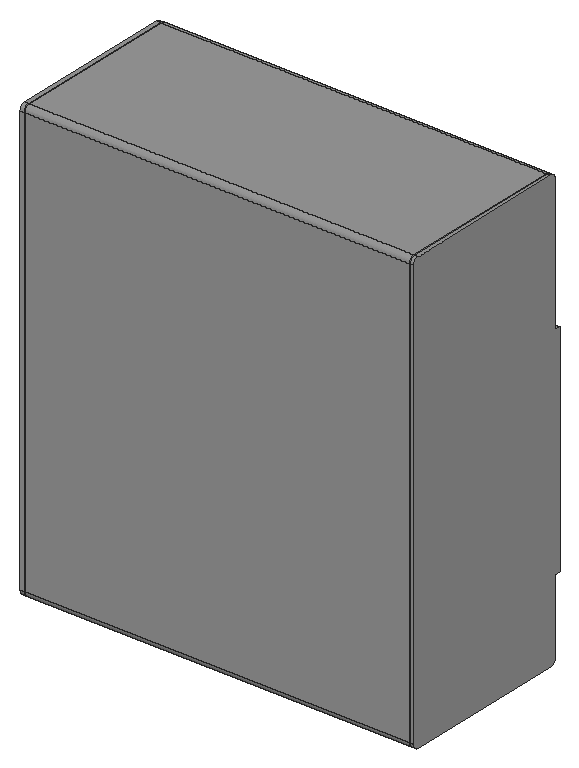
Revit family "L&L_LUCE&LIGHT_PASITO_1.0", category Lighting Fixtures, host Wall, Revit 2018 (continued)
Parameters (values of type "PASITO_1.0 – 60°")
    .00 \r\n0.00 0.00 0.00 0.00 0.00 0.00 0.00 0.00 0.00 0.00 0.00 \r\n0.00 0.00 0.00 0.00 0.00 0.00 0.00 0.00 0.00 0.00 0.00 \r\n0.00 0.00 0.00 0.00 0.00 0.00 0.00 0.00 0.00 0.00 0.00 \r\n0.00 0.00 0.00 0.01 0.01 \r\n0.01 0.01 0.00 0.00 0.00 0.00 0.00 0.00 0.00 0.00 0.00 \r\n0.00 0.00 0.00 0.00 0.00 0.00 0.00 0.00 0.00 0.00 0.00 \r\n0.00 0.00 0.00 0.00 0.00 0.00 0.00 0.00 0.00 0.00 0.00 \r\n0.00 0.00 0.00 0.00 0.00 0.00 0.00 0.00 0.00 0.00 0.00 \r\n0.00 0.00 0.00 0.00 0.00 0.00 0.00 0.00 0.00 0.00 0.00 \r\n0.00 0.00 0.00 0.00 0.00 0.00 0.00 0.00 0.00 0.00 0.00 \r\n0.00 0.00 0.00 0.00 0.00 0.00 0.00 0.00 0.00 0.00 0.00 \r\n0.00 0.00 0.00 0.00 0.00 0.00 0.00 0.00 0.00 0.00 0.00 \r\n0.00 0.00 0.00 0.00 0.00 0.00 0.00 0.00 0.00 0.00 0.00 \r\n0.00 0.00 0.00 0.00 0.00 0.00 0.00 0.00 0.00 0.00 0.00 \r\n0.00 0.00 0.00 0.00 0.00 0.00 0.00 0.00 0.00 0.00 0.00 \r\n0.00 0.00 0.00 0.00 0.00 0.00 0.00 0.00 0.00 0.00 0.00 \r\n0.00 0.00 0.00 0.00 0.00 0.00 0.00 0.00 0.00 0.00 0.00 \r\n0.00 0.00 0.00 0.00 0.00 0.00 0.00 0.00 0.00 0.00 0.00 \r\n0.00 0.00 0.00 0.00 0.00 0.00 0.00 0.00 0.00 0.00 0.00 \r\n0.00 0.00 0.00 0.00 0.00 0.00 0.00 0.00 0.00 0.00 0.00 \r\n0.00 0.00 0.01 0.01 0.01 \r\n0.01 0.01 0.01 0.00 0.00 0.00 0.00 0.00 0.00 0.00 0.00 \r\n0.00 0.00 0.00 0.00 0.00 0.00 0.00 0.00 0.00 0.00 0.00 \r\n0.00 0.00 0.00 0.00 0.00 0.00 0.00 0.00 0.00 0.00 0.00 \r\n0.00 0.00 0.00 0.00 0.00 0.00 0.00 0.00 0.00 0.00 0.00 \r\n0.00 0.00 0.00 0.00 0.00 0.00 0.00 0.00 0.00 0.00 0.00 \r\n0.00 0.00 0.00 0.00 0.00 0.00 0.00 0.00 0.00 0.00 0.00 \r\n0.00 0.00 0.00 0.00 0.00 0.00 0.00 0.00 0.00 0.00 0.00 \r\n0.00 0.00 0.00 0.00 0.00 0.00 0.00 0.00 0.00 0.00 0.00 \r\n0.00 0.00 0.00 0.00 0.00 0.00 0.00 0.00 0.00 0.00 0.00 \r\n0.00 0.00 0.00 0.00 0.00 0.00 0.00 0.00 0.00 0.00 0.00 \r\n0.00 0.00 0.00 0.00 0.00 0.00 0.00 0.00 0.00 0.00 0.00 \r\n0.00 0.00 0.00 0.00 0.00 0.00 0.00 0.00 0.00 0.00 0.00 \r\n0.00 0.00 0.00 0.00 0.00 0.00 0.00 0.00 0.00 0.00 0.00 \r\n0.00 0.00 0.00 0.00 0.00 0.00 0.00 0.00 0.00 0.00 0.00 \r\n0.00 0.00 0.00 0.00 0.00 0.00 0.00 0.00 0.00 0.00 0.00 \r\n0.00 0.00 0.00 0.00 0.00 0.00 0.00 0.00 0.00 0.00 0.00 \r\n0.00 0.01 0.01 0.02 0.01 \r\n0.01 0.01 0.01 0.01 0.01 0.00 0.00 0.00 0.00 0.00 0.00 \r\n0.00 0.00 0.00 0.00 0.00 0.00 0.00 0.00 0.00 0.00 0.00 \r\n0.00 0.00 0.00 0.00 0.00 0.00 0.00 0.00 0.00 0.00 0.00 \r\n0.00 0.00 0.00 0.00 0.00 0.00 0.00 0.00 0.00 0.00 0.00 \r\n0.00 0.00 0.00 0.00 0.00 0.00 0.00 0.00 0.00 0.00 0.00 \r\n0.00 0.00 0.00 0.00 0.00 0.00 0.00 0.00 0.00 0.00 0.00 \r\n0.00 0.00 0.00 0.00 0.00 0.00 0.00 0.00 0.00 0.00 0.00 \r\n0.00 0.00 0.00 0.00 0.00 0.00 0.00 0.00 0.00 0.00 0.00 \r\n0.00 0.00 0.00 0.00 0.00 0.00 0.00 0.00 0.00 0.00 0.00 \r\n0.00 0.00 0.00 0.00 0.00 0.00 0.00 0.00 0.00 0.00 0.00 \r\n0.00 0.00 0.00 0.00 0.00 0.00 0.00 0.00 0.00 0.00 0.00 \r\n0.00 0.00 0.00 0.00 0.00 0.00 0.00 0.00 0.00 0.00 0.00 \r\n0.00 0.00 0.00 0.00 0.00 0.00 0.00 0.00 0.00 0.00 0.00 \r\n0.00 0.00 0.00 0.00 0.00 0.00 0.00 0.00 0.00 0.00 0.00 \r\n0.00 0.00 0.00 0.00 0.00 0.00 0.00 0.00 0.00 0.00 0.00 \r\n0.00 0.00 0.00 0.00 0.00 0.00 0.00 0.00 0.00 0.00 0.01 \r\n0.01 0.01 0.02 0.02 0.01 \r\n0.01 0.01 0.01 0.01 0.01 0.01 0.01 0.01 0.01 0.00 0.00 \r\n0.00 0.00 0.00 0.00 0.00 0.00 0.00 0.00 0.00 0.00 0.00 \r\n0.00 0.00 0.00 0.00 0.00 0.00 0.00 0.00 0.00 0.00 0.00 \r\n0.00 0.00 0.00 0.00 0.00 0.00 0.00 0.00 0.00 0.00 0.00 \r\n0.00 0.00 0.00 0.00 0.00 0.00 0.00 0.00 0.00 0.00 0.00 \r\n0.00 0.00 0.00 0.00 0.00 0.00 0.00 0.00 0.00 0.00 0.00 \r\n0.00 0.00 0.00 0.00 0.00 0.00 0.00 0.00 0.00 0.00 0.00 \r\n0.00 0.00 0.00 0.00 0.00 0.00 0.00 0.00 0.00 0.00 0.00 \r\n0.00 0.00 0.00 0.00 0.00 0.00 0.00 0.00 0.00 0.00 0.00 \r\n0.00 0.00 0.00 0.00 0.00 0.00 0.00 0.00 0.00 0.00 0.00 \r\n0.00 0.00 0.00 0.00 0.00 0.00 0.00 0.00 0.00 0.00 0.00 \r\n0.00 0.00 0.00 0.00 0.00 0.00 0.00 0.00 0.00 0.00 0.00 \r\n0.00 0.00 0.00 0.00 0.00 0.00 0.00 0.00 0.00 0.00 0.00 \r\n0.00 0.00 0.00 0.00 0.00 0.00 0.00 0.00 0.00 0.00 0.00 \r\n0.00 0.00 0.00 0.00 0.00 0.00 0.00 0.00 0.00 0.00 0.00 \r\n0.00 0.00 0.00 0.00 0.00 0.00 0.01 0.01 0.02 0.02 0.03 \r\n0.03 0.03 0.03 0.02 0.01 \r\n0.01 0.01 0.01 0.02 0.02 0.02 0.02 0.02 0.02 0.02 0.02 \r\n0.02 0.02 0.02 0.02 0.02 0.02 0.02 0.02 0.02 0.02 0.02 \r\n0.02 0.02 0.02 0.03 0.03 0.03 0.03 0.03 0.03 0.03 0.03 \r\n0.03 0.03 0.03 0.03 0.03 0.03 0.04 0.04 0.04 0.04 0.04 \r\n0.04 0.04 0.04 0.04 0.04 0.04 0.04 0.04 0.04 0.04 0.04 \r\n0.04 0.04 0.04 0.04 0.05 0.05 0.05 0.05 0.05 0.05 0.05 \r\n0.05 0.05 0.05 0.05 0.05 0.05 0.05 0.05 0.05 0.05 0.05 \r\n0.05 0.05 0.05 0.05 0.05 0.05 0.05 0.05 0.05 0.05 0.05 \r\n0.05 0.05 0.05 0.05 0.05 0.05 0.05 0.05 0.06 0.06 0.06 \r\n0.06 0.06 0.06 0.06 0.06 0.06 0.06 0.06 0.06 0.06 0.06 \r\n0.06 0.06 0.06 0.06 0.06 0.06 0.06 0.06 0.06 0.06 0.06 \r\n0.06 0.06 0.06 0.06 0.06 0.06 0.06 0.06 0.06 0.06 0.06 \r\n0.06 0.06 0.06 0.06 0.07 0.07 0.07 0.07 0.07 0.07 0.07 \r\n0.07 0.07 0.07 0.07 0.07 0.07 0.07 0.07 0.07 0.07 0.07 \r\n0.07 0.07 0.07 0.07 0.07 0.07 0.07 0.07 0.07 0.07 0.07 \r\n0.07 0.07 0.07 0.07 0.07 0.07 0.07 0.08 0.08 0.08 0.08 \r\n0.07 0.06 0.04 0.02 0.01 \r\n0.01 0.01 0.03 0.04 0.06 0.08 0.09 0.11 0.12 0.14 0.15 \r\n0.17 0.19 0.22 0.24 0.27 0.29 0.32 0.35 0.39 0.43 0.48 \r\n0.53 0.57 0.63 0.68 0.74 0.79 0.85 0.91 0.98 1.05 1.12 \r\n1.19 1.25 1.31 1.37 1.43 1.48 1.52 1.55 1.57 1.58 1.59 \r\n1.60 1.61 1.62 1.64 1.66 1.68 1.69 1.71 1.73 1.74 1.76 \r\n1.78 1.81 1.84 1.87 1.90 1.92 1.95 1.97 1.99 2.01 2.02 \r\n2.03 2.04 2.05 2.06 2.07 2.08 2.08 2.09 2.09 2.08 2.08 \r\n2.06 2.05 2.03 2.01 1.99 1.97 1.95 1.93 1.92 1.90 1.89 \r\n1.87 1.86 1.85 1.85 1.84 1.83 1.82 1.81 1.80 1.79 1.78 \r\n1.77 1.76 1.75 1.74 1.73 1.73 1.71 1.70 1.69 1.67 1.66 \r\n1.64 1.62 1.61 1.60 1.59 1.58 1.57 1.57 1.56 1.55 1.55 \r\n1.54 1.53 1.53 1.52 1.52 1.52 1.51 1.51 1.50 1.50 1.49 \r\n1.48 1.48 1.47 1.46 1.45 1.44 1.43 1.42 1.42 1.41 1.41 \r\n1.40 1.39 1.38 1.36 1.34 1.32 1.30 1.28 1.24 1.20 1.17 \r\n1.13 1.09 1.05 1.01 0.96 0.92 0.87 0.82 0.77 0.72 0.67 \r\n0.62 0.57 0.52 0.46 0.42 0.39 0.36 0.33 0.29 0.25 0.22 \r\n0.16 0.10 0.06 0.03 0.01 \r\n0.01 0.02 0.04 0.07 0.11 0.15 0.19 0.25 0.29 0.35 0.41 \r\n0.48 0.57 0.69 0.82 0.95 1.09 1.23 1.35 1.46 1.57 1.67 \r\n1.77 1.86 1.93 1.94 1.96 1.99 2.01 2.04 2.06 2.08 2.12 \r\n2.18 2.29 2.47 2.69 2.95 3.34 3.76 4.20 4.67 5.18 5.65 \r\n6.05 6.39 6.64 6.77 6.81 6.78 6.73 6.68 6.64 6.60 6.60 \r\n6.60 6.60 6.59 6.59 6.60 6.63 6.66 6.69 6.71 6.71 6.73 \r\n6.76 6.79 6.83 6.86 6.88 6.88 6.87 6.84 6.80 6.76 6.74 \r\n6.72 6.71 6.68 6.65 6.58 6.49 6.37 6.24 6.09 5.94 5.78 \r\n5.61 5.41 5.20 4.95 4.69 4.42 4.16 3.92 3.72 3.55 3.41 \r\n3.31 3.24 3.22 3.19 3.16 3.13 3.10 3.08 3.06 3.04 3.02 \r\n2.99 2.97 2.95 2.93 2.90 2.88 2.85 2.83 2.81 2.79 2.77 \r\n2.74 2.72 2.69 2.66 2.64 2.61 2.59 2.57 2.54 2.52 2.50 \r\n2.47 2.44 2.41 2.38 2.35 2.31 2.28 2.25 2.22 2.19 2.16 \r\n2.14 2.11 2.08 2.05 2.02 1.99 1.96 1.93 1.90 1.86 1.83 \r\n1.80 1.77 1.75 1.72 1.70 1.67 1.64 1.60 1.56 1.50 1.43 \r\n1.35 1.27 1.18 1.08 0.99 0.89 0.79 0.70 0.60 0.50 0.40 \r\n0.27 0.15 0.07 0.03 0.01 \r\n0.01 0.02 0.05 0.11 0.17 0.26 0.35 0.46 0.57 0.72 0.88 \r\n1.09 1.30 1.50 1.68 1.82 1.93 1.95 1.98 2.01 2.03 2.05 \r\n2.08 2.14 2.23 2.38 2.58 2.94 3.36 3.97 4.65 5.41 6.21 \r\n7.06 8.01 9.08 10.31 11.61 13.03 14.50 16.05 17.65 19.11 \r\n20.55 21.78 22.76 23.50 23.90 24.01 23.91 23.65 23.41 \r\n23.22 23.04 22.91 22.79 22.64 22.50 22.40 22.30 22.19 \r\n22.07 21.93 21.78 21.65 21.52 21.38 21.22 21.04 20.83 \r\n20.64 20.47 20.30 20.12 19.93 19.72 19.49 19.22 18.91 \r\n18.55 18.14 17.69 17.20 16.67 16.11 15.53 14.92 14.30 \r\n13.68 13.05 12.44 11.83 11.22 10.58 9.90 9.14 8.32 7.48 \r\n6.70 6.02 5.59 5.42 5.29 5.19 5.08 5.00 4.97 4.93 4.88 \r\n4.84 4.78 4.73 4.67 4.62 4.57 4.51 4.45 4.38 4.32 4.25 \r\n4.19 4.13 4.07 4.01 3.95 3.89 3.83 3.76 3.70 3.64 3.58 \r\n3.52 3.47 3.41 3.35 3.29 3.24 3.18 3.12 3.07 3.01 2.96 \r\n2.91 2.86 2.80 2.74 2.69 2.63 2.58 2.53 2.48 2.43 2.38 \r\n2.33 2.27 2.22 2.17 2.13 2.08 2.03 1.99 1.93 1.88 1.84 \r\n1.79 1.74 1.70 1.64 1.58 1.49 1.38 1.25 1.11 0.96 0.80 \r\n0.63 0.41 0.23 0.09 0.04 0.01 \r\n0.01 0.03 0.08 0.15 0.27 0.41 0.56 0.74 0.99 1.26 1.55 \r\n1.78 1.94 1.96 1.99 2.02 2.05 2.09 2.16 2.28 2.49 2.80 \r\n3.32 3.99 4.78 5.68 6.64 7.68 8.97 10.44 12.16 13.91 \r\n15.67 17.57 19.69 22.23 25.01 28.06 31.32 34.77 38.35 \r\n41.83 44.81 47.30 49.08 50.40 51.15 51.55 51.49 51.34 \r\n50.97 50.62 50.19 49.72 49.23 48.63 48.10 47.47 46.86 \r\n46.27 45.70 45.19 44.69 44.18 43.66 43.11 42.57 42.08 \r\n41.65 41.17 40.67 40.12 39.51 38.79 38.03 37.26 36.48 \r\n35.68 34.85 33.99 33.11 32.20 31.27 30.30 29.26 28.14 \r\n26.91 25.61 24.25 22.87 21.50 20.18 18.89 17.63 16.40 \r\n15.17 13.96 12.80 11.71 10.73 9.89 9.20 8.65 8.22 7.91 \r\n7.69 7.54 7.43 7.33 7.22 7.09 6.94 6.79 6.64 6.50 6.37 \r\n6.24 6.12 6.01 5.89 5.77 5.66 5.55 5.44 5.34 5.24 5.14 \r\n5.04 4.94 4.83 4.73 4.63 4.54 4.44 4.36 4.27 4.19 4.10 \r\n4.02 3.94 3.86 3.77 3.68 3.59 3.51 3.43 3.35 3.27 3.19 \r\n3.11 3.04 2.96 2.88 2.81 2.74 2.67 2.60 2.52 2.45 2.38 \r\n2.31 2.24 2.18 2.11 2.04 1.98 1.91 1.85 1.79 1.73 1.67 \r\n1.59 1.46 1.30 1.10 0.87 0.59 0.32 0.14 0.04 0.01 \r\n0.01 0.03 0.10 0.22 0.38 0.58 0.82 1.15 1.52 1.82 1.95 \r\n1.97 2.00 2.03 2.09 2.18 2.35 2.66 3.15 3.90 4.83 5.91 \r\n7.13 8.50 10.09 11.91 13.97 16.18 18.47 21.04 23.99 27.37 \r\n31.20 35.47 40.00 44.70 49.18 53.35 57.03 60.09 62.22 \r\n63.54 64.15 64.35 64.35 64.28 64.22 64.18 64.04 63.78 \r\n63.38 62.90 62.37 61.83 61.28 60.75 60.20 59.63 59.03 \r\n58.41 57.79 57.16 56.52 55.87 55.20 54.51 53.78 53.03 \r\n52.24 51.41 50.55 49.67 48.77 47.85 46.91 45.92 44.90 \r\n43.84 42.76 41.64 40.49 39.29 38.04 36.74 35.37 33.95 \r\n32.48 30.96 29.44 27.91 26.42 24.98 23.58 22.23 20.90 \r\n19.60 18.33 17.11 15.95 14.88 13.92 13.06 12.31 11.66 \r\n11.12 10.70 10.37 10.11 9.89 9.69 9.47 9.25 9.02 8.79 \r\n8.57 8.36 8.17 8.00 7.82 7.65 7.47 7.29 7.12 6.95 6.79 \r\n6.63 6.49 6.35 6.21 6.07 5.93 5.79 5.66 5.53 5.41 5.28 \r\n5.16 5.04 4.93 4.81 4.69 4.58 4.46 4.35 4.24 4.13 4.02 \r\n3.92 3.82 3.72 3.61 3.51 3.40 3.30 3.20 3.11 3.01 2.92 \r\n2.83 2.74 2.65 2.56 2.47 2.39 2.30 2.21 2.12 2.05 1.97 \r\n1.89 1.82 1.75 1.67 1.56 1.37 1.11 0.78 0.44 0.18 0.05 \r\n0.01 \r\n0.01 0.03 0.12 0.29 0.50 0.77 1.15 1.61 1.94 1.97 1.99 \r\n2.02 2.09 2.16 2.39 2.88 3.65 4.68 5.92 7.29 8.86 10.67 \r\n12.73 15.09 17.77 20.79 24.17 27.96 32.27 37.13 42.40 \r\n48.11 54.17 60.06 65.10 68.89 71.46 73.16 74.18 74.68 \r\n74.98 75.29 75.61 75.82 75.91 75.92 75.87 75.76 75.53 \r\n75.17 74.68 74.14 73.64 73.12 72.59 72.02 71.37 70.66 \r\n69.91 69.16 68.41 67.62 66.80 65.95 65.07 64.14 63.13 \r\n62.08 61.01 59.91 58.79 57.62 56.42 55.19 53.93 52.66 \r\n51.36 50.03 48.65 47.22 45.73 44.18 42.56 40.88 39.16 \r\n37.42 35.68 33.96 32.28 30.65 29.09 27.62 26.23 24.90 \r\n23.62 22.39 21.20 20.07 18.99 17.99 17.05 16.19 15.40 \r\n14.69 14.06 13.52 13.05 12.64 12.29 11.98 11.69 11.43 \r\n11.17 10.91 10.64 10.37 10.12 9.87 9.62 9.39 9.15 8.92 \r\n8.71 8.51 8.32 8.12 7.92 7.72 7.53 7.35 7.17 6.99 6.82 \r\n6.64 6.48 6.32 6.15 5.99 5.84 5.69 5.55 5.40 5.25 5.11 \r\n4.97 4.83 4.70 4.57 4.44 4.31 4.17 4.04 3.92 3.80 3.67 \r\n3.54 3.42 3.31 3.20 3.09 2.97 2.87 2.76 2.65 2.55 2.45 \r\n2.35 2.24 2.14 2.05 1.96 1.87 1.79 1.71 1.57 1.32 0.96 \r\n0.56 0.22 0.05 0.01 \r\n0.01 0.04 0.16 0.36 0.62 1.01 1.53 1.94 1.97 2.00 2.05 \r\n2.11 2.27 2.75 3.57 4.71 6.10 7.67 9.48 11.66 14.21 17.17 \r\n20.58 24.35 28.37 33.12 38.85 45.34 52.45 59.82 66.77 \r\n72.60 76.97 80.06 82.11 83.42 84.38 85.27 86.09 86.84 \r\n87.56 88.17 88.57 88.82 88.98 89.12 89.24 89.23 89.05 \r\n88.73 88.34 87.94 87.55 87.11 86.58 85.93 85.20 84.44 \r\n83.60 82.69 81.72 80.69 79.61 78.47 77.24 75.99 74.70 \r\n73.38 71.99 70.56 69.07 67.56 66.01 64.40 62.75 61.04 \r\n59.27 57.45 55.57 53.63 51.63 49.57 47.45 45.28 43.11 \r\n40.96 38.88 36.89 35.01 33.24 31.59 30.07 28.64 27.31 \r\n26.04 24.83 23.66 22.55 21.50 20.51 19.59 18.75 17.99 \r\n17.34 16.76 16.24 15.76 15.29 14.83 14.38 13.95 13.58 \r\n13.24 12.92 12.61 12.31 12.01 11.72 11.42 11.12 10.84 \r\n10.57 10.31 10.05 9.80 9.57 9.32 9.08 8.85 8.62 8.40 8.18 \r\n7.96 7.75 7.55 7.35 7.15 6.96 6.78 6.60 6.42 6.22 6.04 \r\n5.87 5.71 5.54 5.37 5.21 5.04 4.88 4.73 4.59 4.44 4.28 \r\n4.13 3.99 3.85 3.71 3.56 3.43 3.30 3.17 3.04 2.92 2.79 \r\n2.66 2.54 2.43 2.32 2.21 2.10 2.00 1.89 1.79 1.69 1.47 \r\n1.12 0.69 0.29 0.07 0.01 \r\n0.01 0.05 0.20 0.43 0.75 1.27 1.82 1.97 2.00 2.05 2.12 \r\n2.35 3.03 4.08 5.46 7.15 9.10 11.43 14.22 17.55 21.33 \r\n25.40 30.03 35.97 43.07 50.80 58.98 67.35 75.20 81.47 \r\n85.99 88.97 90.87 92.38 93.94 95.52 96.99 98.37 99.53 \r\n100.43 101.29 102.13 102.78 103.28 103.84 104.45 104.96 \r\n105.22 105.19 105.06 105.03 105.00 104.90 104.61 104.06 \r\n103.43 102.80 102.06 101.09 99.93 98.72 97.46 96.14 94.78 \r\n93.36 91.83 90.17 88.33 86.41 84.44 82.48 80.52 78.51 \r\n76.40 74.17 71.83 69.37 66.79 64.11 61.34 58.49 55.61 \r\n52.72 49.88 47.13 44.52 42.07 39.79 37.70 35.79 34.04 \r\n32.45 30.98 29.62 28.31 27.06 25.85 24.72 23.67 22.71 \r\n21.83 21.02 20.26 19.55 18.91 18.33 17.80 17.30 16.81 \r\n16.33 15.88 15.48 15.12 14.78 14.45 14.12 13.79 13.44 \r\n13.10 12.78 12.47 12.16 11.85 11.56 11.26 10.96 10.68 \r\n10.42 10.14 9.85 9.59 9.34 9.08 8.84 8.59 8.35 8.12 7.91 \r\n7.69 7.46 7.24 7.03 6.83 6.63 6.42 6.22 6.02 5.83 5.64 \r\n5.47 5.29 5.11 4.92 4.75 4.59 4.42 4.25 4.09 3.93 3.78 \r\n3.62 3.46 3.31 3.17 3.03 2.88 2.74 2.61 2.49 2.36 2.24 \r\n2.12 2.00 1.88 1.76 1.59 1.27 0.81 0.36 0.08 0.01 \r\n0.01 0.05 0.23 0.50 0.90 1.55 1.94 1.99 2.03 2.11 2.34 \r\n3.08 4.24 5.84 7.79 10.02 12.74 16.04 19.98 24.34 29.21 \r\n35.61 43.23 51.66 60.85 70.67 79.95 86.97 91.91 95.26 \r\n97.74 99.96 102.21 104.28 106.32 108.34 110.18 111.71 \r\n113.16 114.73 116.21 117.43 118.62 119.76 120.79 121.78 \r\n122.65 123.23 123.66 124.11 124.47 124.61 124.55 124.41 \r\n124.25 123.94 123.41 122.64 121.75 120.81 119.78 118.57 \r\n117.18 115.62 113.88 111.98 109.95 107.80 105.56 103.23 \r\n100.74 98.07 95.17 92.10 88.88 85.50 81.95 78.20 74.28 \r\n70.23 66.14 62.10 58.21 54.53 51.13 48.02 45.19 42.64 \r\n40.34 38.27 36.41 34.72 33.18 31.73 30.36 29.04 27.79 \r\n26.63 25.58 24.61 23.72 22.89 22.11 21.40 20.76 20.19 \r\n19.68 19.21 18.76 18.29 17.82 17.35 16.89 16.47 16.08 \r\n15.71 15.39 15.08 14.72 14.32 13.95 13.63 13.30 12.94 \r\n12.59 12.29 11.97 11.63 11.32 11.06 10.77 10.45 10.15 \r\n9.89 9.62 9.32 9.06 8.82 8.57 8.30 8.05 7.82 7.58 7.34 \r\n7.12 6.90 6.67 6.44 6.24 6.03 5.81 5.60 5.41 5.21 5.01 \r\n4.82 4.64 4.47 4.28 4.09 3.91 3.75 3.58 3.40 3.24 3.09 \r\n2.94 2.78 2.64 2.50 2.36 2.22 2.09 1.96 1.83 1.68 1.38 \r\n0.92 0.42 0.09 0.01 \r\n0.01 0.06 0.26 0.56 1.05 1.76 1.98 2.01 2.08 2.24 2.89 \r\n4.08 5.77 7.89 10.31 13.23 16.95 21.35 26.32 32.09 39.55 \r\n48.38 58.14 68.86 79.59 88.46 94.89 99.36 102.63 105.23 \r\n107.89 110.80 113.68 116.29 118.59 120.67 122.97 125.38 \r\n127.43 129.26 131.30 133.23 134.94 136.48 137.92 139.39 \r\n140.77 141.91 142.75 143.63 144.53 145.13 145.46 145.71 \r\n145.88 145.80 145.41 144.89 144.34 143.64 142.75 141.62 \r\n140.13 138.44 136.71 134.82 132.76 130.49 127.94 125.12 \r\n122.04 118.70 115.09 111.14 106.79 102.05 96.95 91.46 \r\n85.70 79.87 74.17 68.77 63.77 59.22 55.12 51.49 48.28 \r\n45.43 42.91 40.66 38.65 36.84 35.19 33.67 32.22 30.85 \r\n29.57 28.37 27.27 26.27 25.35 24.51 23.74 23.03 22.37 \r\n21.76 21.21 20.73 20.32 19.95 19.57 19.13 18.64 18.14 \r\n17.66 17.20 16.79 16.42 16.09 15.76 15.35 14.92 14.57 \r\n14.25 13.89 13.51 13.17 12.83 12.49 12.14 11.81 11.52 \r\n11.19 10.83 10.55 10.27 9.95 9.68 9.41 9.09 8.82 8.55 \r\n8.24 8.00 7.77 7.49 7.26 7.03 6.78 6.53 6.31 6.10 5.86 \r\n5.63 5.42 5.22 5.00 4.78 4.58 4.40 4.20 3.99 3.81 3.64 \r\n3.45 3.28 3.11 2.95 2.78 2.63 2.48 2.32 2.18 2.03 1.88 \r\n1.74 1.48 1.02 0.48 0.11 0.01 \r\n0.01 0.07 0.29 0.60 1.24 1.91 1.99 2.04 2.13 2.56 3.61 \r\n5.23 7.44 9.93 12.96 16.89 21.60 26.98 33.31 41.45 51.31 \r\n62.04 73.77 85.11 94.19 100.41 104.85 108.26 111.40 \r\n114.74 118.13 121.25 124.26 127.21 130.15 133.06 135.64 \r\n138.27 140.92 143.30 145.70 148.10 150.39 152.41 154.28 \r\n156.22 158.11 159.77 161.18 162.50 163.81 164.83 165.54 \r\n166.19 166.77 167.00 166.84 166.68 166.45 165.91 165.13 \r\n164.16 162.98 161.62 160.01 158.07 155.80 153.28 150.39 \r\n147.15 143.62 139.63 135.09 130.02 124.36 118.04 111.15 \r\n103.83 96.32 88.87 81.71 75.05 69.04 63.70 58.99 54.87 \r\n51.28 48.13 45.34 42.89 40.71 38.78 37.02 35.40 33.86 \r\n32.41 31.08 29.86 28.75 27.74 26.79 25.92 25.13 24.39 \r\n23.72 23.10 22.53 22.03 21.57 21.18 20.85 20.52 20.12 \r\n19.60 19.07 18.58 18.13 17.70 17.29 16.93 16.58 16.16 \r\n15.73 1
